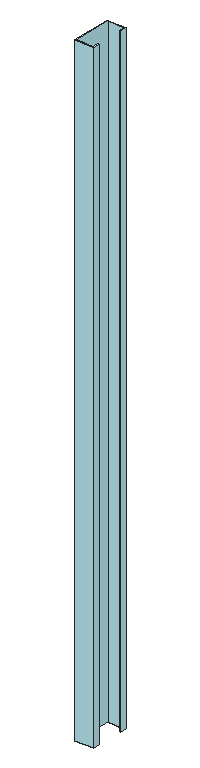
Revit family "(JIS)65×30×10×1.6", category 機械設備, Revit 2020
Family settings
  丸型コネクタ寸法 = 直径を使用
  種別 = なし
  パーツ タイプ = 標準
  作業面ベース = いいえ
  常に垂直 = はい
  ロード時にボイドで切り取り = いいえ
  共有 = いいえ
  部屋計算ポイント = いいえ
Parameters
  製造元 = "株式会社桐井製作所"
  既定の高さ = 0 mm
  URL = "https://www.kirii.co.jp/"
  K_長さ(mm) [instance] = 1000 mm
  K_材質 = "SSC400"
  K_外形寸法(mm) = "65×30×10×1.6"
  K_品名 = "(JIS)65×30×10×1.6"
  K_名称 = "補強材"
  K_単位質量(kg/m) = 1.718
  K_バージョン情報 = "20210524"
  K_めっき付着量 = "Z12"
  K_JIS規格 = "JIS G 3350"
Reference planes
  plane 1 "中心(正面/背面)": y = 0
  plane 2: z = 0
  plane 3 "中心(左/右)": x = 0
  plane 4: z = 1000
  plane 5: y = 65
Forms (mm)
  Extrusion 1, solid
    sketch origin (0, 0, 0) x (1, 0, 0) y (0, 1, 0)
      loop
        line (0, 0) -> (30, 0) -> (30, 10) -> (28.4, 10) -> (28.4, 1.6) -> (1.6, 1.6) -> (1.6, 63.4) -> (28.4, 63.4) -> (28.4, 55) -> (30, 55) -> (30, 65) -> (0, 65) -> (0, 0)
    from 0 to 1000
Dimensions and locks
  "K_長さ(mm)": plane 4 to plane 2
  aligned and locked: level to plane 2
  aligned and locked: plane 4 to Extrusion 1
Automatic sketch dimensions
  Extrusion 1 sketch curve to plane 3 "中心(左/右)" = 0 mm
  plane 1 "中心(正面/背面)" to Extrusion 1 sketch curve = 0 mm
  plane 3 "中心(左/右)" to Extrusion 1 sketch curve = 1.6 mm
  Extrusion 1 sketch curve to plane 1 "中心(正面/背面)" = 10 mm
  Extrusion 1 sketch curve to Extrusion 1 sketch curve = 26.8 mm  (x2)
  Extrusion 1 sketch curve to Extrusion 1 sketch curve = 1.6 mm  (x3)
  Extrusion 1 sketch curve to plane 1 "中心(正面/背面)" = 1.6 mm
  Extrusion 1 sketch curve to Extrusion 1 sketch curve = 45 mm
  Extrusion 1 sketch curve to Extrusion 1 sketch curve = 8.4 mm
